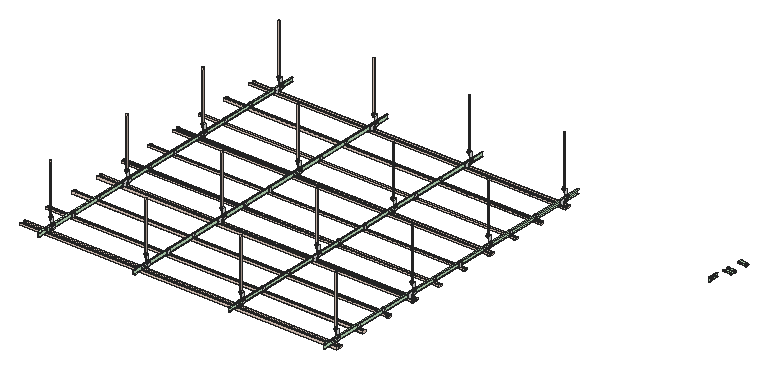
Revit family "JIS19型.", category 一般モデル, Revit 2020
Family settings
  鉄筋をホスト可能 = いいえ
  丸型コネクタ寸法 = 直径を使用
  パーツ タイプ = 標準
  作業面ベース = いいえ
  常に垂直 = はい
  ロード時にボイドで切り取り = いいえ
  共有 = いいえ
  部屋計算ポイント = いいえ
Parameters
  製造元 = "株式会社桐井製作所"
  既定の高さ = 0 mm
  URL = "https://www.kirii.co.jp/"
  K_名称 = "JIS19型"
  K_バージョン情報 = "20231221"
Reference planes
  plane 1 "中心(正面/背面)": y = 0
  plane 2: z = 0
  plane 3 "中心(左/右)": x = 0
Lines and regions (mm)
  model lines
    curve 1: line (2053.885, 1762.323, -15.664) -> (3803.885, 1762.323, -15.664)
    curve 2: line (2053.885, 732.323, -15.664) -> (3803.885, 732.323, -15.664)
    curve 3: line (3803.885, 1766.972, -19.37) -> (3803.885, 736.972, -19.37)
    curve 4: line (2053.885, 1766.972, -19.37) -> (2053.885, 736.972, -19.37)
Text (mm)
  text "JIS19型" at (-1841.604, 2062.91, 5447.439), in view "ビュー 1"
  text "建築用鋼製天井下地材　在来天井（JIS19型）" at (-1901.604, 2057.91, -53.41), in view "{3D}"
  text "ジョイント" at (2194.065, 1638.272, -53.41), in view "{3D}"
  text "隣り合うジョイント位置は1ｍ以上離して千鳥状に配置する。" at (2294.392, 829.684, -53.41), in view "{3D}"
  text "・CS-19用ジョイント" at (2294.392, 1425.581, -53.41), in view "{3D}"
  text "・CW-19用ジョイント" at (2294.392, 1273.599, -53.41), in view "{3D}"
  text "・CC-19用ジョイント" at (2294.392, 1123.599, -53.41), in view "{3D}"
Dimensions and locks
  aligned and locked: level to plane 2
Nested families
  nested 1: "CW-19" at (-1495.375, 1215.499, -19), type "CW-19"
    with K_長さ(mm) 3000 mm, K_JIS外 no, K_JIS yes
  nested 2: "CS-19" at (-1495.375, 912.5, -19), type "CS-19"
    with K_長さ(mm) 3000 mm, K_JIS外 no, K_JIS yes
  nested 3: "CS-19" at (-1495.375, 609.5, -19), type "CS-19"
    with K_長さ(mm) 3000 mm, K_JIS外 no, K_JIS yes
  nested 4: "CW-19" at (-1495.375, 315.499, -19), type "CW-19"
    with K_長さ(mm) 3000 mm, K_JIS外 no, K_JIS yes
  nested 5: "CS-19" at (-1495.375, 12.5, -19), type "CS-19"
    with K_長さ(mm) 3000 mm, K_JIS外 no, K_JIS yes
  nested 6: "CS-19" at (-1495.375, -290.5, -19), type "CS-19"
    with K_長さ(mm) 3000 mm, K_JIS外 no, K_JIS yes
  nested 7: "CW-19" at (-1495.375, -584.501, -19), type "CW-19"
    with K_長さ(mm) 3000 mm, K_JIS外 no, K_JIS yes
  nested 8: "CS-19" at (-1495.375, -887.5, -19), type "CS-19"
    with K_長さ(mm) 3000 mm, K_JIS外 no, K_JIS yes
  nested 9: "CS-19" at (-1495.375, -1190.5, -19), type "CS-19"
    with K_長さ(mm) 3000 mm, K_JIS外 no, K_JIS yes
  nested 10: "CW-19" at (-1495.375, -1484.501, -19), type "CW-19"
    with K_長さ(mm) 3000 mm, K_JIS外 no, K_JIS yes
  nested 11: "CS-19用クリップ" at (552.216, -1190.581, -9.669) x (0, 1, 0) z (0, 0, 1), type "CS-19用クリップ"
    with K_JIS外 no, K_JIS yes
  nested 12: "CS-19用クリップ" at (1452.216, -1190.581, -9.669) x (0, 1, 0) z (0, 0, 1), type "CS-19用クリップ"
    with K_JIS外 no, K_JIS yes
  nested 13: "CW-19用クリップ" at (536.79, -1484.563, -9.703) x (0, -1, 0) z (0, 0, 1), type "CW-19用クリップ"
    with K_JIS外 no, K_JIS yes
  nested 14: "CW-19用クリップ" at (1437.103, -1484.563, -9.703) x (0, -1, 0) z (0, 0, 1), type "CW-19用クリップ"
    with K_JIS外 no, K_JIS yes
  nested 15: "CW-19用クリップ" at (-347.929, -584.563, -9.703) x (0, -1, 0) z (0, 0, 1), type "CW-19用クリップ"
    with K_JIS外 no, K_JIS yes
  nested 16: "CS-19用クリップ" at (-363.235, -887.5, -9.669) x (0, 1, 0) z (0, 0, 1), type "CS-19用クリップ"
    with K_JIS外 no, K_JIS yes
  nested 17: "CW-19用クリップ" at (552.071, -584.563, -9.703) x (0, -1, 0) z (0, 0, 1), type "CW-19用クリップ"
    with K_JIS外 no, K_JIS yes
  nested 18: "CS-19用クリップ" at (536.765, -887.5, -9.669) x (0, 1, 0) z (0, 0, 1), type "CS-19用クリップ"
    with K_JIS外 no, K_JIS yes
  nested 19: "CW-19用クリップ" at (1452.071, -584.563, -9.703) x (0, -1, 0) z (0, 0, 1), type "CW-19用クリップ"
    with K_JIS外 no, K_JIS yes
  nested 20: "CS-19用クリップ" at (1436.765, -887.5, -9.669) x (0, 1, 0) z (0, 0, 1), type "CS-19用クリップ"
    with K_JIS外 no, K_JIS yes
  nested 21: "CS-19用クリップ" at (536.765, -290.5, -9.669) x (0, 1, 0) z (0, 0, 1), type "CS-19用クリップ"
    with K_JIS外 no, K_JIS yes
  nested 22: "CS-19用クリップ" at (1436.765, -290.5, -9.669) x (0, 1, 0) z (0, 0, 1), type "CS-19用クリップ"
    with K_JIS外 no, K_JIS yes
  nested 23: "CS-19用クリップ" at (552.216, 12.419, -9.669) x (0, 1, 0) z (0, 0, 1), type "CS-19用クリップ"
    with K_JIS外 no, K_JIS yes
  nested 24: "CS-19用クリップ" at (1452.216, 12.419, -9.669) x (0, 1, 0) z (0, 0, 1), type "CS-19用クリップ"
    with K_JIS外 no, K_JIS yes
  nested 25: "CS-19用クリップ" at (-347.784, 609.419, -9.669) x (0, 1, 0) z (0, 0, 1), type "CS-19用クリップ"
    with K_JIS外 no, K_JIS yes
  nested 26: "CS-19用クリップ" at (552.216, 609.419, -9.669) x (0, 1, 0) z (0, 0, 1), type "CS-19用クリップ"
    with K_JIS外 no, K_JIS yes
  nested 27: "CS-19用クリップ" at (1452.216, 609.419, -9.669) x (0, 1, 0) z (0, 0, 1), type "CS-19用クリップ"
    with K_JIS外 no, K_JIS yes
  nested 28: "CW-19用クリップ" at (-1262.897, 315.437, -9.703) x (0, -1, 0) z (0, 0, 1), type "CW-19用クリップ"
    with K_JIS外 no, K_JIS yes
  nested 29: "CW-19用クリップ" at (-362.897, 315.437, -9.703) x (0, -1, 0) z (0, 0, 1), type "CW-19用クリップ"
    with K_JIS外 no, K_JIS yes
  nested 30: "CW-19用クリップ" at (536.79, 315.437, -9.703) x (0, -1, 0) z (0, 0, 1), type "CW-19用クリップ"
    with K_JIS外 no, K_JIS yes
  nested 31: "CW-19用クリップ" at (1436.79, 315.437, -9.703) x (0, -1, 0) z (0, 0, 1), type "CW-19用クリップ"
    with K_JIS外 no, K_JIS yes
  nested 32: "CS-19用クリップ" at (536.765, 911.979, -9.669) x (0, 1, 0) z (0, 0, 1), type "CS-19用クリップ"
    with K_JIS外 no, K_JIS yes
  nested 33: "CS-19用クリップ" at (1436.765, 911.979, -9.669) x (0, 1, 0) z (0, 0, 1), type "CS-19用クリップ"
    with K_JIS外 no, K_JIS yes
  nested 34: "CW-19用クリップ" at (-347.929, 1215.437, -9.703) x (0, -1, 0) z (0, 0, 1), type "CW-19用クリップ"
    with K_JIS外 no, K_JIS yes
  nested 35: "CW-19用クリップ" at (552.071, 1215.437, -9.703) x (0, -1, 0) z (0, 0, 1), type "CW-19用クリップ"
    with K_JIS外 no, K_JIS yes
  nested 36: "CW-19用クリップ" at (1452.071, 1215.437, -9.703) x (0, -1, 0) z (0, 0, 1), type "CW-19用クリップ"
    with K_JIS外 no, K_JIS yes
  nested 37: "CC-19用ハンガー、CC-25用ハンガー" at (-1259.375, -1425.55, 0) x (0, -1, 0) z (0, 0, 1), type "CC-19用ハンガー、CC-25用ハンガー"
    with K_JIS外 no, K_JIS yes
  nested 38: "CC-19用ハンガー、CC-25用ハンガー" at (-1259.375, -525.55, 0) x (0, -1, 0) z (0, 0, 1), type "CC-19用ハンガー、CC-25用ハンガー"
    with K_JIS外 no, K_JIS yes
  nested 39: "CC-19用ハンガー、CC-25用ハンガー" at (-1259.375, 374.45, 0) x (0, -1, 0) z (0, 0, 1), type "CC-19用ハンガー、CC-25用ハンガー"
    with K_JIS外 no, K_JIS yes
  nested 40: "CC-19用ハンガー、CC-25用ハンガー" at (-1259.375, 1274.45, 0) x (0, -1, 0) z (0, 0, 1), type "CC-19用ハンガー、CC-25用ハンガー"
    with K_JIS外 no, K_JIS yes
  nested 41: "CC-19用ハンガー、CC-25用ハンガー" at (-359.375, -1425.55, 0) x (0, -1, 0) z (0, 0, 1), type "CC-19用ハンガー、CC-25用ハンガー"
    with K_JIS外 no, K_JIS yes
  nested 42: "CC-19用ハンガー、CC-25用ハンガー" at (-359.375, -525.55, 0) x (0, -1, 0) z (0, 0, 1), type "CC-19用ハンガー、CC-25用ハンガー"
    with K_JIS外 no, K_JIS yes
  nested 43: "CC-19用ハンガー、CC-25用ハンガー" at (-359.375, 374.45, 0) x (0, -1, 0) z (0, 0, 1), type "CC-19用ハンガー、CC-25用ハンガー"
    with K_JIS外 no, K_JIS yes
  nested 44: "CC-19用ハンガー、CC-25用ハンガー" at (-359.375, 1274.45, 0) x (0, -1, 0) z (0, 0, 1), type "CC-19用ハンガー、CC-25用ハンガー"
    with K_JIS外 no, K_JIS yes
  nested 45: "CC-19用ハンガー、CC-25用ハンガー" at (540.625, -1425.55, 0) x (0, -1, 0) z (0, 0, 1), type "CC-19用ハンガー、CC-25用ハンガー"
    with K_JIS外 no, K_JIS yes
  nested 46: "CC-19用ハンガー、CC-25用ハンガー" at (540.625, -525.55, 0) x (0, -1, 0) z (0, 0, 1), type "CC-19用ハンガー、CC-25用ハンガー"
    with K_JIS外 no, K_JIS yes
  nested 47: "CC-19用ハンガー、CC-25用ハンガー" at (540.625, 374.45, 0) x (0, -1, 0) z (0, 0, 1), type "CC-19用ハンガー、CC-25用ハンガー"
    with K_JIS外 no, K_JIS yes
  nested 48: "CC-19用ハンガー、CC-25用ハンガー" at (540.625, 1274.45, 0) x (0, -1, 0) z (0, 0, 1), type "CC-19用ハンガー、CC-25用ハンガー"
    with K_JIS外 no, K_JIS yes
  nested 49: "CC-19用ハンガー、CC-25用ハンガー" at (1440.625, -1425.55, 0) x (0, -1, 0) z (0, 0, 1), type "CC-19用ハンガー、CC-25用ハンガー"
    with K_JIS外 no, K_JIS yes
  nested 50: "CC-19用ハンガー、CC-25用ハンガー" at (1440.625, -525.55, 0) x (0, -1, 0) z (0, 0, 1), type "CC-19用ハンガー、CC-25用ハンガー"
    with K_JIS外 no, K_JIS yes
  nested 51: "CC-19用ハンガー、CC-25用ハンガー" at (1440.625, 374.45, 0) x (0, -1, 0) z (0, 0, 1), type "CC-19用ハンガー、CC-25用ハンガー"
    with K_JIS外 no, K_JIS yes
  nested 52: "CC-19用ハンガー、CC-25用ハンガー" at (1440.625, 1274.45, 0) x (0, -1, 0) z (0, 0, 1), type "CC-19用ハンガー、CC-25用ハンガー"
    with K_JIS外 no, K_JIS yes
  nested 53: "CC-19用ハンガー、CC-25用ハンガー" at (-1259.375, -525.55, 0) x (0, -1, 0) z (0, 0, 1), type "CC-19用ハンガー、CC-25用ハンガー"
    with K_JIS外 no, K_JIS yes
  nested 54: "3／8”ボルト" at (1424.193, -1425.55, 70), type "3／8”ボルト"
    with K_長さ(mm) 500 mm
  nested 55: "3／8”ボルト" at (1424.193, -525.512, 70), type "3／8”ボルト"
    with K_長さ(mm) 500 mm
  nested 56: "ナット" at (1424.193, -1425.55, 93), type "ナット"
  nested 57: "ナット" at (1424.193, -1425.55, 91) x (1, 0, 0) z (0, 0, -1), type "ナット"
  nested 58: "ナット" at (1424.193, -525.55, 93), type "ナット"
  nested 59: "ナット" at (1424.193, -525.55, 91) x (1, 0, 0) z (0, 0, -1), type "ナット"
  nested 60: "3／8”ボルト" at (1424.193, 374.488, 70), type "3／8”ボルト"
    with K_長さ(mm) 500 mm
  nested 61: "ナット" at (1424.193, 374.45, 93), type "ナット"
  nested 62: "ナット" at (1424.193, 374.45, 91) x (1, 0, 0) z (0, 0, -1), type "ナット"
  nested 63: "3／8”ボルト" at (1424.193, 1274.488, 70), type "3／8”ボルト"
    with K_長さ(mm) 500 mm
  nested 64: "ナット" at (1424.193, 1274.45, 93), type "ナット"
  nested 65: "ナット" at (1424.193, 1274.45, 91) x (1, 0, 0) z (0, 0, -1), type "ナット"
  nested 66: "3／8”ボルト" at (524.193, -1425.55, 70), type "3／8”ボルト"
    with K_長さ(mm) 500 mm
  nested 67: "3／8”ボルト" at (524.193, -525.512, 70), type "3／8”ボルト"
    with K_長さ(mm) 500 mm
  nested 68: "ナット" at (524.193, -1425.55, 93), type "ナット"
  nested 69: "ナット" at (524.193, -1425.55, 91) x (1, 0, 0) z (0, 0, -1), type "ナット"
  nested 70: "ナット" at (524.193, -525.55, 93), type "ナット"
  nested 71: "ナット" at (524.193, -525.55, 91) x (1, 0, 0) z (0, 0, -1), type "ナット"
  nested 72: "3／8”ボルト" at (524.193, 374.488, 70), type "3／8”ボルト"
    with K_長さ(mm) 500 mm
  nested 73: "ナット" at (524.193, 374.45, 93), type "ナット"
  nested 74: "ナット" at (524.193, 374.45, 91) x (1, 0, 0) z (0, 0, -1), type "ナット"
  nested 75: "3／8”ボルト" at (524.193, 1274.488, 70), type "3／8”ボルト"
    with K_長さ(mm) 500 mm
  nested 76: "ナット" at (524.193, 1274.45, 93), type "ナット"
  nested 77: "ナット" at (524.193, 1274.45, 91) x (1, 0, 0) z (0, 0, -1), type "ナット"
  nested 78: "3／8”ボルト" at (-375.807, -1425.55, 70), type "3／8”ボルト"
    with K_長さ(mm) 500 mm
  nested 79: "3／8”ボルト" at (-375.807, -525.512, 70), type "3／8”ボルト"
    with K_長さ(mm) 500 mm
  nested 80: "ナット" at (-375.807, -1425.55, 93), type "ナット"
  nested 81: "ナット" at (-375.807, -1425.55, 91) x (1, 0, 0) z (0, 0, -1), type "ナット"
  nested 82: "ナット" at (-375.807, -525.55, 93), type "ナット"
  nested 83: "ナット" at (-375.807, -525.55, 91) x (1, 0, 0) z (0, 0, -1), type "ナット"
  nested 84: "3／8”ボルト" at (-375.807, 374.488, 70), type "3／8”ボルト"
    with K_長さ(mm) 500 mm
  nested 85: "ナット" at (-375.807, 374.45, 93), type "ナット"
  nested 86: "ナット" at (-375.807, 374.45, 91) x (1, 0, 0) z (0, 0, -1), type "ナット"
  nested 87: "3／8”ボルト" at (-375.807, 1274.488, 70), type "3／8”ボルト"
    with K_長さ(mm) 500 mm
  nested 88: "ナット" at (-375.807, 1274.45, 93), type "ナット"
  nested 89: "ナット" at (-375.807, 1274.45, 91) x (1, 0, 0) z (0, 0, -1), type "ナット"
  nested 90: "3／8”ボルト" at (-1275.807, -1425.55, 70), type "3／8”ボルト"
    with K_長さ(mm) 500 mm
  nested 91: "3／8”ボルト" at (-1275.807, -525.512, 70), type "3／8”ボルト"
    with K_長さ(mm) 500 mm
  nested 92: "ナット" at (-1275.807, -1425.55, 93), type "ナット"
  nested 93: "ナット" at (-1275.807, -1425.55, 91) x (1, 0, 0) z (0, 0, -1), type "ナット"
  nested 94: "ナット" at (-1275.807, -525.55, 93), type "ナット"
  nested 95: "ナット" at (-1275.807, -525.55, 91) x (1, 0, 0) z (0, 0, -1), type "ナット"
  nested 96: "3／8”ボルト" at (-1275.807, 374.488, 70), type "3／8”ボルト"
    with K_長さ(mm) 500 mm
  nested 97: "ナット" at (-1275.807, 374.45, 93), type "ナット"
  nested 98: "ナット" at (-1275.807, 374.45, 91) x (1, 0, 0) z (0, 0, -1), type "ナット"
  nested 99: "3／8”ボルト" at (-1275.807, 1274.488, 70), type "3／8”ボルト"
    with K_長さ(mm) 500 mm
  nested 100: "ナット" at (-1275.807, 1274.45, 93), type "ナット"
  nested 101: "ナット" at (-1275.807, 1274.45, 91) x (1, 0, 0) z (0, 0, -1), type "ナット"
  nested 102: "CW-19用ジョイント" at (3036.168, 1215.499, -19.312), type "CW-19用ジョイント"
    with K_JIS外 no, K_JIS yes
  nested 103: "CC-19用ジョイント" at (3016.168, 1053.371, -1.758), type "CC-19用ジョイント"
    with K_JIS外 yes, K_JIS no
  nested 104: "CS-19用ジョイント" at (3041.168, 1367.323, -19.37), type "CS-19用ジョイント"
    with K_JIS外 no, K_JIS yes
  nested 105: "CW-19用クリップ" at (-1247.888, 1215.432, -9.703) x (0, -1, 0) z (0, 0, 1), type "CW-19用クリップ"
    with K_JIS外 no, K_JIS yes
  nested 106: "CS-19用クリップ" at (-1263.173, 912.5, -9.669) x (0, 1, 0) z (0, 0, 1), type "CS-19用クリップ"
    with K_JIS外 no, K_JIS yes
  nested 107: "CS-19用クリップ" at (-1247.784, 609.5, -9.669) x (0, 1, 0) z (0, 0, 1), type "CS-19用クリップ"
    with K_JIS外 no, K_JIS yes
  nested 108: "CS-19用クリップ" at (-1247.784, 12.5, -9.669) x (0, 1, 0) z (0, 0, 1), type "CS-19用クリップ"
    with K_JIS外 no, K_JIS yes
  nested 109: "CS-19用クリップ" at (-1263.175, -290.5, -9.669) x (0, 1, 0) z (0, 0, 1), type "CS-19用クリップ"
    with K_JIS外 no, K_JIS yes
  nested 110: "CW-19用クリップ" at (-1247.9, -584.496, -9.703) x (0, -1, 0) z (0, 0, 1), type "CW-19用クリップ"
    with K_JIS外 no, K_JIS yes
  nested 111: "CS-19用クリップ" at (-1263.167, -887.5, -9.669) x (0, 1, 0) z (0, 0, 1), type "CS-19用クリップ"
    with K_JIS外 no, K_JIS yes
  nested 112: "CS-19用クリップ" at (-1247.784, -1190.5, -9.669) x (0, 1, 0) z (0, 0, 1), type "CS-19用クリップ"
    with K_JIS外 no, K_JIS yes
  nested 113: "CW-19用クリップ" at (-1262.897, -1484.501, -9.703) x (0, -1, 0) z (0, 0, 1), type "CW-19用クリップ"
    with K_JIS外 no, K_JIS yes
  nested 114: "CW-19用クリップ" at (-362.897, -1484.501, -9.703) x (0, -1, 0) z (0, 0, 1), type "CW-19用クリップ"
    with K_JIS外 no, K_JIS yes
  nested 115: "CS-19用クリップ" at (-347.784, -1190.5, -9.669) x (0, 1, 0) z (0, 0, 1), type "CS-19用クリップ"
    with K_JIS外 no, K_JIS yes
  nested 116: "CS-19用クリップ" at (-363.184, -290.5, -9.669) x (0, 1, 0) z (0, 0, 1), type "CS-19用クリップ"
    with K_JIS外 no, K_JIS yes
  nested 117: "CS-19用クリップ" at (-347.784, 12.5, -9.669) x (0, 1, 0) z (0, 0, 1), type "CS-19用クリップ"
    with K_JIS外 no, K_JIS yes
  nested 118: "CS-19用クリップ" at (-363.235, 912.477, -9.669) x (0, 1, 0) z (0, 0, 1), type "CS-19用クリップ"
    with K_JIS外 no, K_JIS yes
  nested 119: "CC-19" at (-1261.375, -1590.55, 0), type "CC-19"
    with K_長さ(mm) 3000 mm
  nested 120: "CC-19" at (-361.375, -1590.55, 0), type "CC-19"
    with K_長さ(mm) 3000 mm
  nested 121: "CC-19" at (538.625, -1590.55, 0), type "CC-19"
    with K_長さ(mm) 3000 mm
  nested 122: "CC-19" at (1438.625, -1590.55, 0), type "CC-19"
    with K_長さ(mm) 3000 mm
Definition of nested family "CW-19"
  Parameters (values of type "CW-19")
    Manufacturer = "株式会社桐井製作所"
    Default Elevation = 0 mm
    URL = "https://www.kirii.co.jp/"
    K_長さ(mm) [instance] = 1000 mm
    K_材質 = "SGCC　一般用"
    K_断面積A(mm2) = 49
    K_断面係数Zy(mm3) = 768.8
    K_断面係数Zx(mm3) = 184.8
    K_断面2次半径iy(mm) = 19.8
    K_断面2次半径ix(mm) = 7
    K_断面2次モーメントIy(mm4) = 19220
    K_断面2次モーメントIx(mm4) = 2395
    K_外形寸法(mm) = "19×50×0.5"
    K_品名 = "CW-19"
    K_名称 = "野縁"
    K_単位質量(kg/m) = 0.403
    K_ヤング係数E(N/mm2) = 205000
    K_バージョン情報 = "20210524"
    K_めっき付着量 = "Z12"
    K_JIS規格 = "JIS G 3302"
    K_JIS外 [instance] = not(K_JIS)  # no
    K_JIS [instance] = yes
  Reference planes
    plane 1 "中心(正面/背面)": y = 0
    plane 2: z = 0
    plane 3 "中心(左/右)": x = 0
    plane 4: x = 1000
    plane 5: y = 25
    plane 6: y = -25
    plane 7: z = 19
  Forms (mm)
    Extrusion 1, solid
      sketch origin (0, 0, 0) x (0, -1, 0) y (0, 0, 1)
        loop
          line (-25, 0) -> (-20.2, 0) -> (-19.052, 0.5) -> (-11.148, 0.5) -> (-10, 0) -> (10, 0) -> (11.148, 0.5) -> (19.052, 0.5) -> (20.2, 0) -> (25, 0) -> (25, 19) -> (21, 19) -> (21, 16.246) -> (21.5, 15.532) -> (21.5, 18.5) -> (24.5, 18.5) -> (24.5, 0.5) -> (20.304, 0.5) -> (19.156, 1) -> (11.044, 1) -> (9.896, 0.5) -> (-9.896, 0.5) -> (-11.044, 1) -> (-19.156, 1) -> (-20.304, 0.5) -> (-24.5, 0.5) -> (-24.5, 18.5) -> (-21.5, 18.5) -> (-21.5, 15.532) -> (-21, 16.246) -> (-21, 19) -> (-25, 19) -> (-25, 0)
      from 0 to -1000
    Extrusion 2, void
      sketch origin (0, 0, 0) x (0, 1, 0) y (0, 0, 1)
        loop
          line (-21.893, 16.282) -> (-21.893, 14.539) -> (22.033, 14.539) -> (22.033, 16.282) -> (-21.893, 16.282)
      from 0 to 1000
  Cuts and joins
    Extrusion 2 cuts Extrusion 1
  Dimensions and locks
    "K_長さ(mm)": plane 3 "中心(左/右)" to plane 4
    aligned and locked: level to plane 2
    aligned and locked: plane 4 to Extrusion 1
    aligned and locked: Extrusion 1 to Extrusion 2
    aligned and locked: Extrusion 2 to plane 3 "中心(左/右)"
  Automatic sketch dimensions
    plane 6 to Extrusion 2 sketch curve = 3.107 mm
    Extrusion 2 sketch curve to plane 5 = 2.967 mm
    Extrusion 2 sketch curve to Extrusion 2 sketch curve = 1.744 mm
    Extrusion 2 sketch curve to plane 7 = 4.461 mm
    Extrusion 1 sketch curve to level = 0 mm  (x3)
    Extrusion 1 sketch curve to plane 5 = 0 mm
    Extrusion 1 sketch curve to plane 6 = 0 mm
    Extrusion 1 sketch curve to plane 5 = 0.5 mm
    Extrusion 1 sketch curve to plane 5 = 3.5 mm
    Extrusion 1 sketch curve to Extrusion 1 sketch curve = 0.5 mm  (x2)
    level to Extrusion 1 sketch curve = 0.5 mm  (x5)
    Extrusion 1 sketch curve to Extrusion 1 sketch curve = 4.196 mm
    Extrusion 1 sketch curve to Extrusion 1 sketch curve = 0.104 mm  (x8)
    level to Extrusion 1 sketch curve = 1 mm  (x2)
    Extrusion 1 sketch curve to Extrusion 1 sketch curve = 1.148 mm  (x4)
    Extrusion 1 sketch curve to Extrusion 1 sketch curve = 7.903 mm
    plane 1 "中心(正面/背面)" to Extrusion 1 sketch curve = 9.896 mm
    plane 6 to Extrusion 1 sketch curve = 5.948 mm
    plane 6 to Extrusion 1 sketch curve = 4 mm
    plane 6 to Extrusion 1 sketch curve = 0.5 mm
    Extrusion 1 sketch curve to plane 7 = 3.468 mm  (x2)
    Extrusion 1 sketch curve to Extrusion 1 sketch curve = 0.714 mm  (x2)
    Extrusion 1 sketch curve to plane 7 = 0.5 mm  (x2)
    Extrusion 1 sketch curve to plane 7 = 0 mm  (x2)
Definition of nested family "CS-19"
  Parameters (values of type "CS-19")
    Manufacturer = "株式会社桐井製作所"
    Default Elevation = 0 mm
    URL = "https://www.kirii.co.jp/"
    K_長さ(mm) [instance] = 1000 mm
    K_材質 = "SGCC　一般用"
    K_断面積A(mm2) = 36.7
    K_断面係数Zy(mm3) = 309.2
    K_断面係数Zx(mm3) = 175.5
    K_断面2次半径iy(mm) = 10.3
    K_断面2次半径ix(mm) = 7.3
    K_断面2次モーメントIy(mm4) = 3866
    K_断面2次モーメントIx(mm4) = 1934
    K_外形寸法(mm) = "19×25×0.5"
    K_品名 = "CS-19"
    K_名称 = "野縁"
    K_単位質量(kg/m) = 0.302
    K_ヤング係数E(N/mm2) = 205000
    K_バージョン情報 = "20210524"
    K_めっき付着量 = "Z12"
    K_JIS規格 = "JIS G 3302"
    K_JIS外 [instance] = not(K_JIS)  # no
    K_JIS [instance] = yes
  Reference planes
    plane 1 "中心(正面/背面)": y = 0
    plane 2: z = 0
    plane 3 "中心(左/右)": x = 0
    plane 4: x = 1000
    plane 5: y = -12.5
    plane 6: y = 12.499
    plane 7: z = 19
  Forms (mm)
    Extrusion 1, solid
      sketch origin (12.499, 0, 0) x (0, 1, 0) y (0, 0, 1)
        loop
          line (-8.5, 19) -> (-12.5, 19) -> (-12.5, 0) -> (-7.5, 0) -> (-6.73, 0.77) -> (6.73, 0.77) -> (7.5, 0) -> (12.5, 0) -> (12.5, 19) -> (8.5, 19) -> (8.5, 16.246) -> (9, 15.532) -> (9, 18.5) -> (11.978, 18.5) -> (11.978, 0.5) -> (7.707, 0.5) -> (6.937, 1.27) -> (-6.937, 1.27) -> (-7.707, 0.5) -> (-11.978, 0.5) -> (-11.978, 18.5) -> (-9, 18.5) -> (-9, 15.532) -> (-8.5, 16.246) -> (-8.5, 19)
      from -12.499 to 987.501
    Extrusion 2, void
      sketch origin (12.499, 0, 0) x (0, 1, 0) y (0, 0, 1)
        loop
          line (-9.248, 16.247) -> (-9.248, 15.195) -> (9.354, 15.195) -> (9.354, 16.247) -> (-9.248, 16.247)
      from -12.499 to 987.501
  Cuts and joins
    Extrusion 2 cuts Extrusion 1
  Dimensions and locks
    "K_長さ(mm)": plane 4 to plane 3 "中心(左/右)"
    aligned and locked: level to plane 2
    aligned and locked: Extrusion 2 to Extrusion 1
    aligned and locked: plane 4 to cut or joined group of Extrusion 1, Extrusion 2
  Automatic sketch dimensions
    Extrusion 1 sketch curve to level = 0 mm  (x2)
    plane 1 "中心(正面/背面)" to Extrusion 1 sketch curve = 12.5 mm
    plane 1 "中心(正面/背面)" to Extrusion 1 sketch curve = 11.979 mm
    Extrusion 1 sketch curve to Extrusion 1 sketch curve = 2.979 mm
    Extrusion 1 sketch curve to Extrusion 1 sketch curve = 0.5 mm  (x4)
    level to Extrusion 1 sketch curve = 0.5 mm  (x2)
    Extrusion 1 sketch curve to Extrusion 1 sketch curve = 4.271 mm
    Extrusion 1 sketch curve to Extrusion 1 sketch curve = 0.207 mm  (x4)
    Extrusion 1 sketch curve to Extrusion 1 sketch curve = 0.77 mm  (x2)
    level to Extrusion 1 sketch curve = 0.77 mm
    Extrusion 1 sketch curve to Extrusion 1 sketch curve = 13.46 mm
    level to Extrusion 1 sketch curve = 1.27 mm
    Extrusion 1 sketch curve to Extrusion 1 sketch curve = 17 mm
    Extrusion 1 sketch curve to Extrusion 1 sketch curve = 4.272 mm
    Extrusion 1 sketch curve to Extrusion 1 sketch curve = 0.521 mm
    Extrusion 1 sketch curve to Extrusion 1 sketch curve = 2.968 mm
    Extrusion 1 sketch curve to Extrusion 1 sketch curve = 0.714 mm  (x2)
    plane 1 "中心(正面/背面)" to Extrusion 2 sketch curve = 9.248 mm
    Extrusion 2 sketch curve to Extrusion 2 sketch curve = 18.602 mm
    Extrusion 2 sketch curve to Extrusion 2 sketch curve = 1.052 mm
    Extrusion 1 sketch curve to Extrusion 1 sketch curve = 14.262 mm  (x2)
    Extrusion 1 sketch curve to Extrusion 1 sketch curve = 2.254 mm
    level to Extrusion 2 sketch curve = 15.195 mm
Definition of nested family "CS-19用クリップ"
  Parameters (values of type "CS-19用クリップ")
    Manufacturer = "株式会社桐井製作所"
    Default Elevation = 0 mm
    URL = "https://www.kirii.co.jp/"
    K_材質 = "SGCC　一般用"
    K_品名 = "CS-19用クリップ"
    K_名称 = "クリップ"
    K_単位質量(kg/個) = 0.009
    K_入数 = "1000"
    K_バージョン情報 = "20210524"
    K_めっき付着量 = "Z12"
    K_JIS規格 = "JIS G 3302"
    K_JIS外 [instance] = not(K_JIS)  # no
    K_JIS [instance] = yes
  Reference planes
    plane 1 "中心(正面/背面)": y = 0
    plane 2: z = 0
    plane 3 "中心(左/右)": x = 0
  Forms (mm)
    Extrusion 1, solid
      sketch origin (0, 0, 0) x (1, 0, 0) y (0, 0, 1)
        loop
          line (-9.5, 25) -> (-3, 16) -> (-3, 1)
          arc (-3, 1) -> (-2.707, 0.293) -> (-2, 0) r 1
          line (-2, 0) -> (2, 0)
          arc (2, 0) -> (2.707, 0.293) -> (3, 1) r 1
          line (3, 1) -> (3, 16) -> (9.5, 25) -> (9.5, 40.5)
          arc (9.5, 40.5) -> (8.768, 42.268) -> (7, 43) r 2.5
          line (7, 43) -> (-7, 43)
          arc (-7, 43) -> (-8.768, 42.268) -> (-9.5, 40.5) r 2.5
          line (-9.5, 40.5) -> (-9.5, 25)
      from -1.17 to 0
    Extrusion 2, solid
      sketch origin (0, 0, 0) x (1, 0, 0) y (0, 0, 1)
        loop
          line (-10.9, 10.122) -> (-11.5, 9.6) -> (-11.5, 3)
          arc (-11.5, 3) -> (-10.621, 0.879) -> (-8.5, 0) r 3
          line (-8.5, 0) -> (8.5, 0)
          arc (8.5, 0) -> (10.621, 0.879) -> (11.5, 3) r 3
          line (11.5, 3) -> (11.5, 9.6) -> (10.9, 10.122) -> (10.9, 3)
          arc (10.9, 3) -> (10.197, 1.303) -> (8.5, 0.6) r 2.4
          line (8.5, 0.6) -> (-8.5, 0.6)
          arc (-8.5, 0.6) -> (-10.197, 1.303) -> (-10.9, 3) r 2.4
          line (-10.9, 3) -> (-10.9, 10.122)
      from -5.17 to -1.8
    Extrusion 3, void
      sketch origin (0, 0, 0) x (1, 0, 0) y (0, 0, 1)
        loop
          arc (7.625, 6.006) -> (8.589, 6.323) -> (9, 7.25) r 1.25
          line (9, 7.25) -> (9, 8.6)
          arc (9, 8.6) -> (9.293, 9.307) -> (10, 9.6) r 1
          line (10, 9.6) -> (11.5, 9.6) -> (11.5, 3)
          arc (11.5, 3) -> (10.621, 0.879) -> (8.5, 0) r 3
          line (8.5, 0) -> (12.5, 0) -> (12.5, 25.377)
          arc (12.5, 25.377) -> (12.282, 24.075) -> (11.652, 22.915) r 4
          line (11.652, 22.915) -> (7.098, 17.085)
          arc (7.098, 17.085) -> (6.468, 15.925) -> (6.25, 14.623) r 4
          line (6.25, 14.623) -> (6.25, 7.25)
          arc (6.25, 7.25) -> (6.661, 6.323) -> (7.625, 6.006) r 1.25
        loop
          line (-12.5, 25.377) -> (-12.5, 0) -> (-8.5, 0)
          arc (-8.5, 0) -> (-10.621, 0.879) -> (-11.5, 3) r 3
          line (-11.5, 3) -> (-11.5, 9.6) -> (-10, 9.6)
          arc (-10, 9.6) -> (-9.293, 9.307) -> (-9, 8.6) r 1
          line (-9, 8.6) -> (-9, 7.25)
          arc (-9, 7.25) -> (-8.589, 6.323) -> (-7.625, 6.006) r 1.25
          arc (-7.625, 6.006) -> (-6.661, 6.323) -> (-6.25, 7.25) r 1.25
          line (-6.25, 7.25) -> (-6.25, 14.623)
          arc (-6.25, 14.623) -> (-6.468, 15.925) -> (-7.098, 17.085) r 4
          line (-7.098, 17.085) -> (-11.652, 22.915)
          arc (-11.652, 22.915) -> (-12.282, 24.075) -> (-12.5, 25.377) r 4
      from -5.17 to 0
    Extrusion 4, void
      sketch origin (0, 0, 0) x (1, 0, 0) y (0, 1, 0)
        loop
          line (-2.5, 14.418) -> (-2.5, 11.2)
          arc (-2.5, 11.2) -> (-1.768, 9.432) -> (0, 8.7) r 2.5
          arc (0, 8.7) -> (1.768, 9.432) -> (2.5, 11.2) r 2.5
          line (2.5, 11.2) -> (2.5, 14.418) -> (-2.5, 14.418)
      from 34.9 to 48.855
    Extrusion 5, solid
      sketch origin (0, 30, 0) x (0, 1, 0) y (0, 0, 1)
        loop
          line (-28.2, 47.9) -> (-16.199, 47.9) -> (-16.199, 32.283) -> (-15.582, 32.9) -> (-15.582, 47.684)
          arc (-15.582, 47.684) -> (-15.86, 48.234) -> (-16.408, 48.517) r 1
          line (-16.408, 48.517) -> (-27.828, 48.53)
          arc (-27.828, 48.53) -> (-28.536, 48.238) -> (-28.83, 47.53) r 1
          line (-28.83, 47.53) -> (-28.83, 0) -> (-27.64, 0) -> (-28.2, 0.6) -> (-28.2, 47.9)
      from -12.5 to 12.5
    Extrusion 6, void
      sketch origin (0, -19.099, 61.1) x (1, 0, 0) y (0, 0, -1)
        loop
          arc (2.5, 26.2) -> (3.086, 27.614) -> (4.5, 28.2) r 2
          line (4.5, 28.2) -> (10.5, 28.2)
          arc (10.5, 28.2) -> (11.914, 27.614) -> (12.5, 26.2) r 2
          line (12.5, 26.2) -> (12.5, 28.838) -> (-12.5, 28.838) -> (-12.5, 26.2)
          arc (-12.5, 26.2) -> (-11.914, 27.614) -> (-10.5, 28.2) r 2
          line (-10.5, 28.2) -> (-4.5, 28.2)
          arc (-4.5, 28.2) -> (-3.086, 27.614) -> (-2.5, 26.2) r 2
          line (-2.5, 26.2) -> (2.5, 26.2)
      from 32.9 to 33.517
  Cuts and joins
    Extrusion 3 cuts Extrusion 2
    Extrusion 3, Extrusion 4, Extrusion 6 cuts Extrusion 5
    joined: Extrusion 1, Extrusion 2, Extrusion 5
  Dimensions and locks
    aligned and locked: level to plane 2
Definition of nested family "CW-19用クリップ"
  Parameters (values of type "CW-19用クリップ")
    Manufacturer = "株式会社桐井製作所"
    Default Elevation = 0 mm
    URL = "https://www.kirii.co.jp/"
    K_材質 = "SGCC　一般用"
    K_品名 = "CW-19用クリップ"
    K_名称 = "クリップ"
    K_単位質量(kg/個) = 0.016
    K_入数 = "500"
    K_バージョン情報 = "20210524"
    K_めっき付着量 = "Z12"
    K_JIS規格 = "JIS G 3302"
    K_JIS外 [instance] = not(K_JIS)  # no
    K_JIS [instance] = yes
  Reference planes
    plane 1 "中心(正面/背面)": y = 0
    plane 2: z = 0
    plane 3 "中心(左/右)": x = 0
  Forms (mm)
    Extrusion 1, solid
      sketch origin (-12.5, 0, 0) x (1, 0, 0) y (0, 0, 1)
        loop
          line (31, 43) -> (-6, 43)
          arc (-6, 43) -> (-7.768, 42.268) -> (-8.5, 40.5) r 2.5
          line (-8.5, 40.5) -> (-8.5, 31.492)
          arc (-8.5, 31.492) -> (-8.186, 30.156) -> (-7.31, 29.1) r 3
          line (-7.31, 29.1) -> (-0.44, 23.9)
          arc (-0.44, 23.9) -> (0.436, 22.844) -> (0.75, 21.508) r 3
          line (0.75, 21.508) -> (0.75, 1)
          arc (0.75, 1) -> (1.043, 0.293) -> (1.75, 0) r 1
          line (1.75, 0) -> (23.25, 0)
          arc (23.25, 0) -> (23.957, 0.293) -> (24.25, 1) r 1
          line (24.25, 1) -> (24.25, 21.508)
          arc (24.25, 21.508) -> (24.564, 22.844) -> (25.44, 23.9) r 3
          line (25.44, 23.9) -> (32.31, 29.1)
          arc (32.31, 29.1) -> (33.186, 30.156) -> (33.5, 31.492) r 3
          line (33.5, 31.492) -> (33.5, 40.5)
          arc (33.5, 40.5) -> (32.768, 42.268) -> (31, 43) r 2.5
      from -1.17 to 0
    Extrusion 2, solid
      sketch origin (-12.5, 0, 0) x (1, 0, 0) y (0, 0, 1)
        loop
          line (-11.15, 10.122) -> (-11.75, 9.6) -> (-11.75, 4.5)
          arc (-11.75, 4.5) -> (-10.432, 1.318) -> (-7.25, 0) r 4.5
          line (-7.25, 0) -> (32.25, 0)
          arc (32.25, 0) -> (35.432, 1.318) -> (36.75, 4.5) r 4.5
          line (36.75, 4.5) -> (36.75, 9.6) -> (36.15, 10.122) -> (36.15, 4.5)
          arc (36.15, 4.5) -> (35.008, 1.742) -> (32.25, 0.6) r 3.9
          line (32.25, 0.6) -> (-7.25, 0.6)
          arc (-7.25, 0.6) -> (-10.008, 1.742) -> (-11.15, 4.5) r 3.9
          line (-11.15, 4.5) -> (-11.15, 10.122)
      from -5.17 to -1.8
    Extrusion 3, void
      sketch origin (-12.5, 0, 0) x (1, 0, 0) y (0, 0, 1)
        loop
          arc (31.25, 7.25) -> (31.709, 6.282) -> (32.75, 6.025) r 1.25
          arc (32.75, 6.025) -> (33.791, 6.282) -> (34.25, 7.25) r 1.25
          line (34.25, 7.25) -> (34.25, 8.6)
          arc (34.25, 8.6) -> (34.543, 9.307) -> (35.25, 9.6) r 1
          line (35.25, 9.6) -> (36.75, 9.6) -> (36.75, 4.5)
          arc (36.75, 4.5) -> (35.432, 1.318) -> (32.25, 0) r 4.5
          line (32.25, 0) -> (37.5, 0) -> (37.5, 31.63)
          arc (37.5, 31.63) -> (37.154, 29.623) -> (36.157, 27.847) r 6
          line (36.157, 27.847) -> (32.593, 23.461)
          arc (32.593, 23.461) -> (31.596, 21.685) -> (31.25, 19.677) r 6
          line (31.25, 19.677) -> (31.25, 7.25)
        loop
          arc (-6.25, 19.434) -> (-6.577, 21.387) -> (-7.522, 23.128) r 6
          line (-7.522, 23.128) -> (-11.228, 27.872)
          arc (-11.228, 27.872) -> (-12.173, 29.613) -> (-12.5, 31.566) r 6
          line (-12.5, 31.566) -> (-12.5, 0) -> (-7.25, 0)
          arc (-7.25, 0) -> (-10.432, 1.318) -> (-11.75, 4.5) r 4.5
          line (-11.75, 4.5) -> (-11.75, 9.6) -> (-10.25, 9.6)
          arc (-10.25, 9.6) -> (-9.543, 9.307) -> (-9.25, 8.6) r 1
          line (-9.25, 8.6) -> (-9.25, 7.25)
          arc (-9.25, 7.25) -> (-8.791, 6.282) -> (-7.75, 6.025) r 1.25
          arc (-7.75, 6.025) -> (-6.709, 6.282) -> (-6.25, 7.25) r 1.25
          line (-6.25, 7.25) -> (-6.25, 19.434)
      from -5.17 to 0
    Extrusion 4, void
      sketch origin (-12.5, 0, 0) x (1, 0, 0) y (0, 1, 0)
        loop
          arc (25, 6.67) -> (26.414, 7.256) -> (27, 8.67) r 2
          line (27, 8.67) -> (27, 13.798) -> (-2, 13.798) -> (-2, 8.67)
          arc (-2, 8.67) -> (-1.414, 7.256) -> (0, 6.67) r 2
          line (0, 6.67) -> (25, 6.67)
      from 32.9 to 48.855
    Extrusion 5, solid
      sketch origin (-12.5, 30, 0) x (0, 1, 0) y (0, 0, 1)
        loop
          line (-28.2, 47.9) -> (-16.819, 47.9) -> (-16.819, 32.283) -> (-16.202, 32.9) -> (-16.202, 47.684)
          arc (-16.202, 47.684) -> (-16.482, 48.236) -> (-17.033, 48.518) r 1
          line (-17.033, 48.518) -> (-27.828, 48.53)
          arc (-27.828, 48.53) -> (-28.536, 48.238) -> (-28.83, 47.53) r 1
          line (-28.83, 47.53) -> (-28.83, 0) -> (-27.64, 0) -> (-28.2, 0.6) -> (-28.2, 47.9)
      from -12.5 to 37.5
    Extrusion 6, void
      sketch origin (-12.5, 0, 0) x (0, 1, 0) y (0, 0, 1)
        loop
          line (13.798, 32.9) -> (12.798, 32.9) -> (12.798, 31.9) -> (13.798, 31.9) -> (13.798, 32.9)
      from -12.5 to 37.5
  Cuts and joins
    Extrusion 3 cuts Extrusion 2
    Extrusion 3, Extrusion 4, Extrusion 6 cuts Extrusion 5
    joined: Extrusion 1, Extrusion 2, Extrusion 5
  Dimensions and locks
    aligned and locked: level to plane 2
Definition of nested family "CC-19用ハンガー、CC-25用ハンガー"
  Parameters (values of type "CC-19用ハンガー、CC-25用ハンガー")
    Manufacturer = "株式会社桐井製作所"
    Default Elevation = 0 mm
    URL = "https://www.kirii.co.jp/"
    K_材質 = "SGCC一般用またはSGHC一般用"
    K_品名 = "CC-19用ハンガー、CC-25用ハンガー"
    K_名称 = "ハンガー"
    K_単位質量(kg/個) = 0.064
    K_入数 = "300"
    K_バージョン情報 = "20210524"
    K_めっき付着量 = "Z12"
    K_JIS規格 = "JIS G 3302"
    K_JIS外 [instance] = not(K_JIS)  # no
    K_JIS [instance] = yes
  Reference planes
    plane 1 "中心(正面/背面)": y = 0
    plane 2: z = 0
    plane 3 "中心(左/右)": x = 0
    plane 4: x = 10
    plane 5: x = -10
  Forms (mm)
    Extrusion 1, solid
      sketch origin (0, -1.432, 0) x (0, 1, 0) y (0, 0, 1)
        loop
          arc (10.858, 46.52) -> (9.317, 43.754) -> (9.398, 40.59) r 6
          line (9.398, 40.59) -> (9.685, 39.636) -> (13, 28.636) -> (13.708, 26.288)
          arc (13.708, 26.288) -> (13.984, 24.986) -> (14.041, 23.656) r 8
          line (14.041, 23.656) -> (13.142, 1.439)
          arc (13.142, 1.439) -> (12.682, 0.418) -> (11.643, 0) r 1.5
          line (11.643, 0) -> (1.5, 0)
          arc (1.5, 0) -> (0.439, 0.439) -> (0, 1.5) r 1.5
          line (0, 1.5) -> (0, 35.7) -> (0.716, 39.581)
          arc (0.716, 39.581) -> (0.88, 41.202) -> (0.778, 42.828) r 10
          line (0.778, 42.828) -> (0, 48.2) -> (0, 89)
          arc (0, 89) -> (-1.172, 91.828) -> (-4, 93) r 4
          line (-4, 93) -> (-26, 93) -> (-26, 91) -> (-4, 91)
          arc (-4, 91) -> (-2.586, 90.414) -> (-2, 89) r 2
          line (-2, 89) -> (-2, 48.2) -> (-1.027, 41.2) -> (-2, 35.7) -> (-2, 1.5)
          arc (-2, 1.5) -> (-0.975, -0.975) -> (1.5, -2) r 3.5
          line (1.5, -2) -> (11.643, -2)
          arc (11.643, -2) -> (14.067, -1.024) -> (15.14, 1.358) r 3.5
          line (15.14, 1.358) -> (16.04, 23.575)
          arc (16.04, 23.575) -> (15.968, 25.237) -> (15.623, 26.865) r 10
          line (15.623, 26.865) -> (11.313, 41.167)
          arc (11.313, 41.167) -> (11.259, 43.276) -> (12.286, 45.12) r 4
          line (12.286, 45.12) -> (15.5, 48.4) -> (14.072, 49.8) -> (10.858, 46.52)
      from -11.5 to 11.5
    Extrusion 2, solid
      sketch origin (0, -1.432, 0) x (0, 1, 0) y (0, 0, 1)
        loop
          line (15.5, 48.4) -> (14.072, 49.8) -> (9.4, 45.033)
          arc (9.4, 45.033) -> (8.131, 43.101) -> (7.685, 40.833) r 6
          line (7.685, 40.833) -> (7.685, 38.7) -> (9.685, 38.5) -> (9.685, 40.833)
          arc (9.685, 40.833) -> (9.982, 42.345) -> (10.829, 43.633) r 4
          line (10.829, 43.633) -> (15.5, 48.4)
      from -11.5 to 11.5
    Extrusion 3, void
      sketch origin (0, -1.432, 0) x (1, 0, 0) y (0, 1, 0)
        loop
          line (-11.5, 16.048) -> (-11.5, 7.685) -> (-5.5, 7.685) -> (-5.5, 16.048) -> (-11.5, 16.048)
        loop
          line (5.5, 16.048) -> (5.5, 7.685) -> (11.5, 7.685) -> (11.5, 16.048) -> (5.5, 16.048)
      from 38.5 to 49.8
    Extrusion 4, void
      sketch origin (0, -1.432, 0) x (1, 0, 0) y (0, 1, 0)
        loop
          line (-5.5, 15.5) -> (-5.5, 7.685) -> (5.5, 7.685) -> (5.5, 15.5) -> (-5.5, 15.5)
      from 38.5 to 49.8
    Extrusion 5, void
      sketch origin (0, 0, 0) x (1, 0, 0) y (0, 1, 0)
        loop
          circle (0, -16.432) r 5
      from 91 to 93
  Cuts and joins
    Extrusion 3, Extrusion 5 cuts Extrusion 1
    Extrusion 4 cuts Extrusion 2
  Dimensions and locks
    aligned and locked: level to plane 2
Definition of nested family "3／8”ボルト"
  Parameters (values of type "3／8”ボルト")
    Manufacturer = "株式会社桐井製作所"
    Default Elevation = 0 mm
    URL = "https://www.kirii.co.jp/"
    K_長さ(mm) [instance] = 500 mm
    K_表面処理 = "JIS H 8610に規定する1級以上、JIS H 8625に規定する1級CM1A以上"
    K_材質 = "軟鋼線材　JIS G 3505　同等以上"
    K_名称 = "3/8\"ボルト"
    K_バージョン情報 = "20221219"
  Reference planes
    plane 1 "中心(正面/背面)": y = 0
    plane 2: z = 0
    plane 3 "中心(左/右)": x = 0
    plane 4: z = 500
  Forms (mm)
    Extrusion 1, solid
      sketch origin (0.02, -0.038, 0) x (1, 0, 0) y (0, 1, 0)
        loop
          circle (-0.02, 0) r 4.725
      from 0 to 500
  Dimensions and locks
    "K_長さ(mm)": plane 4 to plane 2
    aligned and locked: level to plane 2
    aligned and locked: Extrusion 1 to plane 2
    aligned and locked: plane 4 to Extrusion 1
  Automatic sketch dimensions
    Extrusion 1 sketch curve to plane 3 "中心(左/右)" = 0 mm
    plane 1 "中心(正面/背面)" to Extrusion 1 sketch curve = 0.038 mm
    radius of Extrusion 1 sketch curve = 4.725 mm
Definition of nested family "ナット"
  Parameters (values of type "ナット")
    Manufacturer = "株式会社桐井製作所"
    Default Elevation = 0 mm
    URL = "https://www.kirii.co.jp/"
    K_表面処理 = "JIS H 8610 電気亜鉛めっき1級以上　JIS H 8625 1級CM1A以上"
    K_材質 = "軟鋼線材 JIS G 3505 同等以上"
    K_名称 = "1/2\"ナット"
    K_単位質量(kg/個) = 0.021
    K_バージョン情報 = "20221219"
  Reference planes
    plane 1 "中心(正面/背面)": y = 0
    plane 2: z = 0
    plane 3 "中心(左/右)": x = 0
  Forms (mm)
    Revolve 1, solid
      sketch origin (0, 0, 2.36) x (1, 0, 0) y (0, 0, 1)
        loop
          line (4.75, 7.64) -> (4.75, -2.36) -> (9.5, -2.36) -> (9.5, 5.077)
          arc (9.5, 5.077) -> (8.243, 6.927) -> (6.124, 7.64) r 3.505
          line (6.124, 7.64) -> (4.75, 7.64)
        axis (0, 7.64) -> (0, -2.36)
      angle from 0 to 360
    Extrusion 2, void
      sketch origin (0, 0, 0) x (1, 0, 0) y (0, 1, 0)
        loop
          circle (0, 0) r 14
        loop
          line (2.241, 8.365) -> (-6.124, 6.124) -> (-8.365, -2.241) -> (-2.241, -8.365) -> (6.124, -6.124) -> (8.365, 2.241) -> (2.241, 8.365)
      from 0 to 10
  Cuts and joins
    Extrusion 2 cuts Revolve 1
  Dimensions and locks
    aligned and locked: level to plane 2
Definition of nested family "CW-19用ジョイント"
  Parameters (values of type "CW-19用ジョイント")
    Manufacturer = "株式会社桐井製作所"
    Default Elevation = 0 mm
    URL = "https://www.kirii.co.jp/"
    K_材質 = "SGCC　一般用"
    K_品名 = "CW-19用ジョイント"
    K_名称 = "野縁ジョイント"
    K_単位質量(kg/個) = 0.029
    K_入数 = "200"
    K_バージョン情報 = "20210524"
    K_めっき付着量 = "Z12"
    K_JIS規格 = "JIS G 3302"
    K_JIS外 [instance] = not(K_JIS)  # no
    K_JIS [instance] = yes
  Reference planes
    plane 1 "中心(正面/背面)": y = 0
    plane 2: z = 0
    plane 3 "中心(左/右)": x = 0
  Forms (mm)
    Extrusion 1, solid
      sketch origin (0, 0, 0) x (0, 1, 0) y (0, 0, 1)
        loop
          line (20.385, 4.53) -> (-20.385, 4.53) -> (-21.352, 1.547)
          arc (-21.352, 1.547) -> (-22.967, 0.546) -> (-24.22, 1.976) r 1.47
          line (-24.22, 1.976) -> (-24.459, 16.547) -> (-25, 17.191) -> (-24.75, 1.967)
          arc (-24.75, 1.967) -> (-23.046, 0.022) -> (-20.847, 1.384) r 2
          line (-20.847, 1.384) -> (-20, 4) -> (20, 4) -> (20.847, 1.384)
          arc (20.847, 1.384) -> (23.046, 0.022) -> (24.75, 1.967) r 2
          line (24.75, 1.967) -> (25, 17.191) -> (24.459, 16.547) -> (24.22, 1.976)
          arc (24.22, 1.976) -> (22.967, 0.546) -> (21.352, 1.547) r 1.47
          line (21.352, 1.547) -> (20.385, 4.53)
      from -42.5 to 42.5
    Extrusion 2, solid
      sketch origin (0, -13.587, -0.882) x (0, 0.997137, -0.075613) y (0, 0.075613, 0.997137)
        loop
          arc (-12.378, 13.168) -> (-15.089, 9.905) -> (-11.826, 7.194) r 3
          line (-11.826, 7.194) -> (-12.378, 13.168)
      from -0.5 to 0
    Extrusion 3, void
      sketch origin (0, -13.071, 0.1) x (1, 0, 0) y (0, -0.008054, 0.999968)
        loop
          arc (0, 7.2) -> (3, 10.2) -> (0, 13.2) r 3
          line (0, 13.2) -> (0, 7.2)
      from 11 to 12
    Extrusion 4, void
      sketch origin (0, 0, 0) x (1, 0, 0) y (0, 0, 1)
        loop
          line (31.511, 17.191) -> (41.4, 9.1)
          arc (41.4, 9.1) -> (42.211, 8.063) -> (42.5, 6.778) r 3
          line (42.5, 6.778) -> (42.5, 17.191) -> (31.511, 17.191)
        loop
          line (-42.5, 17.191) -> (-42.5, 6.778)
          arc (-42.5, 6.778) -> (-42.211, 8.063) -> (-41.4, 9.1) r 3
          line (-41.4, 9.1) -> (-31.511, 17.191) -> (-42.5, 17.191)
      from -26 to 26
  Cuts and joins
    Extrusion 3, Extrusion 4 cuts Extrusion 1
    joined: Extrusion 1, Extrusion 2
  Dimensions and locks
    aligned and locked: level to plane 2
Definition of nested family "CC-19用ジョイント"
  Parameters (values of type "CC-19用ジョイント")
    Manufacturer = "株式会社桐井製作所"
    Default Elevation = 0 mm
    URL = "https://www.kirii.co.jp/"
    K_材質 = "SGCC　一般用"
    K_品名 = "CC-19用ジョイント"
    K_名称 = "野縁受けジョイント"
    K_単位質量(kg/個) = 0.037
    K_入数 = "300"
    K_バージョン情報 = "20210524"
    K_めっき付着量 = "Z12"
    K_JIS規格 = "JIS G 3302"
    K_JIS外 [instance] = not(K_JIS)  # yes
    K_JIS [instance] = no
  Reference planes
    plane 1 "中心(正面/背面)": y = 0
    plane 2: z = 0
    plane 3 "中心(左/右)": x = 0
  Forms (mm)
    Extrusion 1, solid
      sketch origin (2.7, 0, 0) x (1, 0, 0) y (0, 0, 1)
        loop
          line (-11.7, -16.179) -> (-11.7, 16.179) -> (-2.7, 16.599) -> (-2.7, 17.6) -> (-11.27, 17.2)
          arc (-11.27, 17.2) -> (-12.285, 16.737) -> (-12.7, 15.702) r 1.5
          line (-12.7, 15.702) -> (-12.7, -15.702)
          arc (-12.7, -15.702) -> (-12.285, -16.737) -> (-11.27, -17.2) r 1.5
          line (-11.27, -17.2) -> (-2.715, -17.599) -> (-2.715, -16.598) -> (-11.7, -16.179)
      from -47.5 to 47.5
    Extrusion 2, solid
      sketch origin (-7.559, -7.561, 0) x (1, 0, 0) y (0, 1, 0)
        loop
          line (-2.441, 2.059) -> (-2.441, 3.511) -> (-4.966, 0.855)
          arc (-4.966, 0.855) -> (-5.596, -0.147) -> (-5.79, -1.315) r 3
          arc (-5.79, -1.315) -> (-4.972, -14.885) -> (-3.447, -28.395) r 260.45
          line (-3.447, -28.395) -> (-5.639, -31.344) -> (-4.837, -31.941) -> (-2.889, -29.32)
          arc (-2.889, -29.32) -> (-2.557, -28.624) -> (-2.513, -27.854) r 2
          arc (-2.513, -27.854) -> (-3.993, -14.596) -> (-4.79, -1.28) r 259.45
          arc (-4.79, -1.28) -> (-4.661, -0.502) -> (-4.241, 0.166) r 2
          line (-4.241, 0.166) -> (-2.441, 2.059)
        loop
          line (-4.837, 47.059) -> (-5.639, 46.463) -> (-3.447, 43.513)
          arc (-3.447, 43.513) -> (-4.972, 30.004) -> (-5.79, 16.433) r 260.45
          arc (-5.79, 16.433) -> (-5.596, 15.265) -> (-4.966, 14.264) r 3
          line (-4.966, 14.264) -> (-2.441, 11.608) -> (-2.441, 13.059) -> (-4.241, 14.953)
          arc (-4.241, 14.953) -> (-4.661, 15.621) -> (-4.79, 16.399) r 2
          arc (-4.79, 16.399) -> (-3.993, 29.715) -> (-2.513, 42.972) r 259.45
          arc (-2.513, 42.972) -> (-2.557, 43.742) -> (-2.889, 44.438) r 2
          line (-2.889, 44.438) -> (-4.837, 47.059)
      from -12.5 to 12.5
    Extrusion 3, solid
      sketch origin (-7.559, -7.54, 0) x (1, 0, 0) y (0, 1, 0)
        loop
          arc (-6.208, 30.771) -> (-7.241, 7.521) -> (-6.204, -15.729) r 261.75
          line (-6.204, -15.729) -> (-4.688, -17.979)
          arc (-4.688, -17.979) -> (-5.372, -9.665) -> (-5.79, -1.334) r 260.45
          arc (-5.79, -1.334) -> (-5.941, 7.54) -> (-5.79, 16.414) r 260.45
          arc (-5.79, 16.414) -> (-5.373, 24.726) -> (-4.691, 33.021) r 260.45
          line (-4.691, 33.021) -> (-6.208, 30.771)
      from -4 to 4
    Extrusion 4, void
      sketch origin (0, 0, 0) x (0, 1, 0) y (0, 0, 1)
        loop
          arc (-8, 12.5) -> (0, 4.5) -> (8, 12.5) r 8
          line (8, 12.5) -> (-8, 12.5)
        loop
          arc (8, -12.5) -> (0, -4.5) -> (-8, -12.5) r 8
          line (-8, -12.5) -> (8, -12.5)
      from -13.289 to -10
    Extrusion 5, void
      sketch origin (2.7, 0, 0) x (0, 1, 0) y (0, 0, 1)
        loop
          line (40, 12.5) -> (-40, 12.5) -> (-40, -12.5) -> (40, -12.5) -> (40, 12.5)
      from -12.7 to -11.7
    Extrusion 6, void
      sketch origin (0, 0, 0) x (1, 0, 0) y (0, 1, 0)
        loop
          line (-3.574, 47.122) -> (0, 43.95) -> (0, 47.5) -> (-4.57, 47.5)
          arc (-4.57, 47.5) -> (-4.037, 47.402) -> (-3.574, 47.122) r 1.5
        loop
          line (0, -43.95) -> (-3.574, -47.122)
          arc (-3.574, -47.122) -> (-4.037, -47.402) -> (-4.57, -47.5) r 1.5
          line (-4.57, -47.5) -> (0, -47.5) -> (0, -43.95)
      from 16.245 to 18.824
    Extrusion 7, void
      sketch origin (0, 0, -35) x (1, 0, 0) y (0, 1, 0)
        loop
          line (-3.574, 47.122) -> (0, 43.95) -> (0, 47.5) -> (-4.57, 47.5)
          arc (-4.57, 47.5) -> (-4.037, 47.402) -> (-3.574, 47.122) r 1.5
        loop
          line (0, -43.95) -> (-3.574, -47.122)
          arc (-3.574, -47.122) -> (-4.037, -47.402) -> (-4.57, -47.5) r 1.5
          line (-4.57, -47.5) -> (0, -47.5) -> (0, -43.95)
      from 16.245 to 18.824
  Cuts and joins
    Extrusion 4, Extrusion 5, Extrusion 6, Extrusion 7 cuts Extrusion 1
    Extrusion 4 cuts Extrusion 2
  Dimensions and locks
    aligned and locked: level to plane 2
Definition of nested family "CS-19用ジョイント"
  Parameters (values of type "CS-19用ジョイント")
    Manufacturer = "株式会社桐井製作所"
    Default Elevation = 0 mm
    URL = "https://www.kirii.co.jp/"
    K_材質 = "SGCC　一般用"
    K_品名 = "CS-19用ジョイント"
    K_名称 = "野縁ジョイント"
    K_単位質量(kg/個) = 0.02
    K_入数 = "400"
    K_バージョン情報 = "20210524"
    K_めっき付着量 = "Z12"
    K_JIS規格 = "JIS G 3302"
    K_JIS外 [instance] = not(K_JIS)  # no
    K_JIS [instance] = yes
  Reference planes
    plane 1 "中心(正面/背面)": y = 0
    plane 2: z = 0
    plane 3 "中心(左/右)": x = 0
  Forms (mm)
    Extrusion 1, solid
      sketch origin (0, 0, 0) x (0, 1, 0) y (0, 0, 1)
        loop
          line (12.163, 16.608) -> (10.718, 0.957)
          arc (10.718, 0.957) -> (10.344, 0.539) -> (9.836, 0.777) r 0.47
          line (9.836, 0.777) -> (7.817, 4.53) -> (-7.817, 4.53) -> (-9.836, 0.777)
          arc (-9.836, 0.777) -> (-10.344, 0.539) -> (-10.718, 0.957) r 0.47
          line (-10.718, 0.957) -> (-12.163, 16.608) -> (-12.746, 17.151) -> (-11.246, 0.908)
          arc (-11.246, 0.908) -> (-10.449, 0.02) -> (-9.369, 0.526) r 1
          line (-9.369, 0.526) -> (-7.5, 4) -> (7.5, 4) -> (9.369, 0.526)
          arc (9.369, 0.526) -> (10.449, 0.02) -> (11.246, 0.908) r 1
          line (11.246, 0.908) -> (12.746, 17.151) -> (12.163, 16.608)
      from -42.5 to 42.5
    Extrusion 2, solid
      sketch origin (0, 0, 0) x (0, 1, 0) y (0, 0, 1)
        loop
          arc (-12.378, 13.168) -> (-15.089, 9.905) -> (-11.826, 7.194) r 3
          line (-11.826, 7.194) -> (-12.378, 13.168)
      from -0.5 to 0
    Extrusion 3, void
      sketch origin (0, 0, 0) x (1, 0, 0) y (0, 0, 1)
        loop
          arc (0, 7.2) -> (3, 10.2) -> (0, 13.2) r 3
          line (0, 13.2) -> (0, 7.2)
      from 11.251 to 12.395
    Extrusion 4, void
      sketch origin (0, 0, 0) x (1, 0, 0) y (0, 0, 1)
        loop
          line (-41.4, 9.1) -> (-31.56, 17.151) -> (-42.5, 17.151) -> (-42.5, 6.778)
          arc (-42.5, 6.778) -> (-42.211, 8.063) -> (-41.4, 9.1) r 3
        loop
          line (31.56, 17.151) -> (41.4, 9.1)
          arc (41.4, 9.1) -> (42.211, 8.063) -> (42.5, 6.778) r 3
          line (42.5, 6.778) -> (42.5, 17.151) -> (31.56, 17.151)
      from -12.746 to 12.746
  Cuts and joins
    Extrusion 3, Extrusion 4 cuts Extrusion 1
    joined: Extrusion 1, Extrusion 2
  Dimensions and locks
    aligned and locked: level to plane 2
Definition of nested family "CC-19"
  Parameters (values of type "CC-19")
    Manufacturer = "株式会社桐井製作所"
    Default Elevation = 0 mm
    URL = "https://www.kirii.co.jp/"
    K_長さ(mm) [instance] = 1000 mm
    K_材質 = "SGHC　一般用"
    K_断面積A(mm2) = 69
    K_断面係数Zy(mm3) = 91.5
    K_断面係数Zx(mm3) = 704.2
    K_断面2次半径iy(mm) = 3.5
    K_断面2次半径ix(mm) = 13.9
    K_断面2次モーメントIy(mm4) = 835.4
    K_断面2次モーメントIx(mm4) = 13380
    K_外形寸法(mm) = "38×12×1.2"
    K_品名 = "CC-19"
    K_名称 = "野縁受け"
    K_単位質量(kg/m) = 0.553
    K_ヤング係数E(N/mm2) = 205000
    K_バージョン情報 = "20210524"
    K_めっき付着量 = "Z12"
    K_JIS規格 = "JIS G 3302"
    K_JIS外 = not(K_JIS)  # no
    K_JIS = yes
  Reference planes
    plane 1 "中心(正面/背面)": y = 0
    plane 2: z = 0
    plane 3 "中心(左/右)": x = 0
    plane 4: y = 1000
    plane 5: z = 38
  Forms (mm)
    Extrusion 1, solid
      sketch origin (12, 0, 0) x (1, 0, 0) y (0, 0, 1)
        loop
          line (0, 38) -> (-12, 38) -> (-12, 0) -> (0, 0) -> (0, 1.2) -> (-10.8, 1.2) -> (-10.8, 36.8) -> (0, 36.8) -> (0, 38)
      from 0 to -1000
  Dimensions and locks
    "K_長さ(mm)": plane 1 "中心(正面/背面)" to plane 4
    aligned and locked: level to plane 2
    aligned and locked: Extrusion 1 to plane 4
  Automatic sketch dimensions
    Extrusion 1 sketch curve to plane 3 "中心(左/右)" = 0 mm
    Extrusion 1 sketch curve to plane 5 = 0 mm
    Extrusion 1 sketch curve to level = 0 mm
    level to Extrusion 1 sketch curve = 1.2 mm
    plane 3 "中心(左/右)" to Extrusion 1 sketch curve = 1.2 mm
    Extrusion 1 sketch curve to Extrusion 1 sketch curve = 1.2 mm
    Extrusion 1 sketch curve to Extrusion 1 sketch curve = 10.8 mm  (x2)
